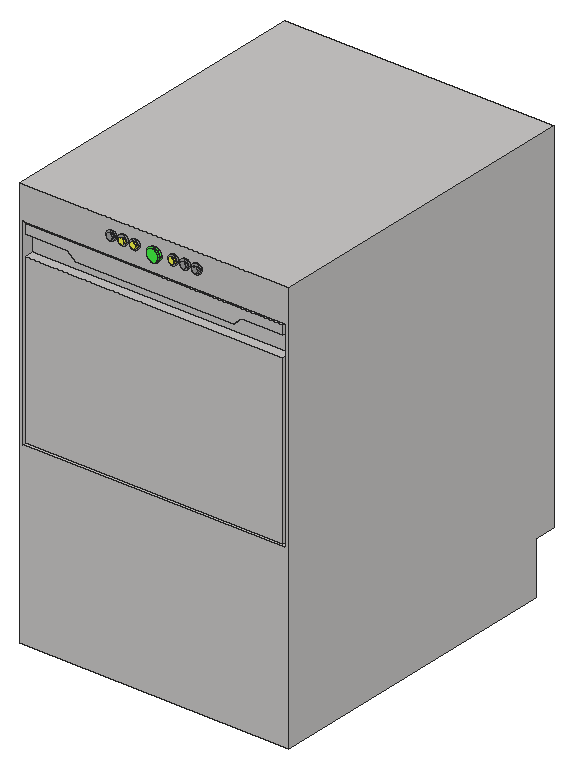
Revit family "QF_ZANUSSI_402237_ZSDICWG", category Specialty Equipment, Revit 2018
Family settings
  Round Connector Dimension = Use Diameter
  Part Type = Normal
  Work Plane-Based = No
  Always vertical = Yes
  Cut with Voids When Loaded = No
  Shared = No
  Room Calculation Point = No
Parameters
  Weight = 37.00 kg
  Watts = 0 W
  Volts = 0 V
  URL Manufacturer = ""
  URL = "http://professional.electrolux.com/"
  Steam Supply Size = 0 mm
  Steam Supply Minimum Pressure = 0.0 Pa
  Steam Supply Maximum Pressure = 0.0 Pa
  Steam Pounds per Hour = 0
  Show Logo [instance] = yes
  Show Clearance [instance] = yes
  Refrigeration Suction Line Size = 0 mm
  Refrigeration Liquid Line Size = 0 mm
  Refrigerant Compressor Remote = yes
  Manufacturer = ""
  Phase = 0
  Model = ""
  Length Actual = 460 mm  # constant formula
  Item Number = ""
  Hot Water Size = 0 mm
  Height Actual = 715 mm  # constant formula
  HP = "4.4 HP"
  Gas Size = 0 mm
  Gas KW = 0
  Gas Input Pressure = 0 W
  Direct Waste Size = 27 mm
  Description = ""
  Depth Actual = 565 mm  # constant formula
  Cycle = 0 Hz
  Condensate Return Size = 0 mm
  Compressed Air Volume = 0.0 L/s
  Compressed Air Size = 0 mm
  Compressed Air Pressure = 0.0 Pa
  Cold Water Size = 0 mm
  Accessory = yes
Types (2, lengths in mm): name | Volts | URL Manufacturer | URL | Manufacturer | Phase | Model | Item Number | Description | Cycle | Cold Water Size
  (no name) | 0 V | "" | "http://professional.electrolux.com/" | "" | 0 | "" | "" | "" | 0 Hz | 0
  Standard | 220 V | "http://professional.electrolux.com" | "http://professional.electrolux.com" | "Electrolux Professional" | 1 | "ESDICWG" | "402228" | "GLASSWASHER(S) INS. DOUBLE SKIN, COLD RINSE, WS, DP, DD, 30B/H" | 50 Hz | 19.05
Reference planes
  plane 1 "Center (Front/Back)": y = 0
  plane 2: z = 0
  plane 3 "Center (Left/Right)": x = 0
  plane 4 "LEFT": x = -230
  plane 5 "RIGHT": x = 230
  plane 6 "FRONT": y = -282.5
  plane 7 "BACK": y = 282.5
  plane 8: x = -202.5
  plane 9: x = 202.5
  plane 10: z = 715
  plane 11: z = 10
Forms (mm)
  Extrusion 1, solid, material "QF_Finishes_Stainless Steel"
    sketch origin (0, 0, 0) x (1, 0, 0) y (0, 1, 0)
      loop
        line (-230, -282.5) -> (230, -282.5) -> (230, 243.5) -> (-230, 243.5) -> (-230, -282.5)
    from 10 to 715
  Extrusion 2, solid, material "QF_Finishes_Stainless Steel"
    sketch origin (0, 0, 0) x (1, 0, 0) y (0, 1, 0)
      loop
        line (-230, 243.5) -> (230, 243.5) -> (230, 282.5) -> (-230, 282.5) -> (-230, 243.5)
    from 100 to 715
  Extrusion 3, solid, material "QF_Finishes_Stainless Steel"
    sketch origin (0, 0, 0) x (1, 0, 0) y (0, 1, 0)
      loop
        circle (-202.5, 184.5) r 12.5
      loop
        circle (202.5, 184.5) r 12.5
      loop
        circle (-202.5, -235.5) r 12.5
      loop
        circle (202.5, -235.5) r 12.5
    from 0 to 10
  Extrusion 4, void
    sketch origin (-230, -282.5, 0) x (-1, 0, 0) y (0, 0, 1)
      loop
        line (-5, 658.217) -> (-455, 658.217) -> (-455, 315) -> (-5, 315) -> (-5, 658.217)
    from 0 to 30
  Extrusion 5, solid, material "QF_Finishes_Stainless Steel"
    sketch origin (-53, -392, 738) x (0, 0, -1) y (1, 0, 0)
      loop
        circle (693, 213) r 10
    from -635.5 to -674.5
  Extrusion 6, solid, material "QF_Door-Drawer Clearances", visible <- "Show Clearance", detail levels coarse
    sketch origin (-230, -282.5, 0) x (0, 1, 0) y (0, 0, -1)
      loop
        line (0, -315) -> (-315, -315)
        arc (-315, -315) -> (-223.2, -545.869) -> (0, -655) r 344.605
        line (0, -655) -> (0, -315)
    from -10 to -450
  Extrusion 7, solid, material "QF_Finishes_Stainless Steel"
    sketch origin (-242.481, -392, 738) x (0, 0, -1) y (1, 0, 0)
      loop
        circle (663, 322.481) r 8
    from -635.5 to -674.5
  Extrusion 8, solid, material "QF_Finishes_Green"
    sketch origin (234, -282.5, -28.75) x (-1, 0, 0) y (0, 0, -1)
      loop
        circle (234, -714.569) r 10
    from 0 to 5
  Extrusion 9, solid, material "QF_Finishes_Gray"
    sketch origin (234, -282.5, -24.375) x (-1, 0, 0) y (0, 0, -1)
      loop
        circle (306.936, -713.972) r 5
    from 0 to 5
  Extrusion 10, solid, material "QF_Finishes_Stainless Steel"
    sketch origin (-230, -282.5, 0) x (0, 1, 0) y (0, 0, -1)
      loop
        line (0, -319.622) -> (0, -605) -> (15, -605) -> (15, -655) -> (25, -655) -> (25, -319.622) -> (0, -319.622)
    from -10 to -450
  Extrusion 11, solid, material "QF_Finishes_Stainless Steel"
    sketch origin (-230, -282.5, 0) x (0, 1, 0) y (0, 0, -1)
      loop
        line (15, -655) -> (15, -652.514) -> (2.5, -652.514) -> (2.5, -626.25) -> (0, -626.25) -> (0, -655) -> (15, -655)
    from -10 to -450
  Extrusion 12, void
    sketch origin (-230, -282.5, 655) x (0, 0, 1) y (1, 0, 0)
      loop
        line (-15.552, 10) -> (-15.552, 81.607) -> (-28.75, 94.804) -> (-28.75, 10) -> (-15.552, 10)
      loop
        line (-15.552, 450) -> (-28.75, 450) -> (-28.75, 365.196) -> (-15.552, 378.393) -> (-15.552, 450)
    from 0 to 2.5
  Extrusion 13, solid, material "QF_Finishes_Stainless Steel"
    sketch origin (-328, -392, 738) x (0, 0, -1) y (1, 0, 0)
      loop
        circle (663, 228) r 8
    from -635.5 to -674.5
  Extrusion 14, solid, material "QF_Finishes_Green"
    sketch origin (-230, -282.5, 0) x (1, 0, 0) y (0, 0, 1)
      loop
        circle (230, 685.819) r 12
      loop
        circle (230, 685.819) r 10
    from 0 to 2.5
  Extrusion 15, solid, material "QF_Finishes_Gray"
    sketch origin (-210, -282.5, -28.75) x (1, 0, 0) y (0, 0, 1)
      loop
        circle (262.936, 718.347) r 8
      loop
        circle (262.936, 718.347) r 5
      loop
        circle (242.936, 718.347) r 8
      loop
        circle (242.936, 718.347) r 5
      loop
        circle (282.936, 718.347) r 8
      loop
        circle (282.936, 718.347) r 5
    from 0 to 2.5
  Extrusion 16, solid, material "QF_Finishes_Gray"
    sketch origin (-234, -282.5, -24.375) x (1, 0, 0) y (0, 0, 1)
      loop
        circle (286.936, 713.972) r 5
      loop
        circle (306.936, 713.972) r 5
    from 0 to 5
  Extrusion 17, solid, material "QF_Finishes_Gray"
    sketch origin (210, -282.5, -28.75) x (-1, 0, 0) y (0, 0, -1)
      loop
        circle (262.936, -718.347) r 8
      loop
        circle (262.936, -718.347) r 5
      loop
        circle (242.936, -718.347) r 8
      loop
        circle (242.936, -718.347) r 5
      loop
        circle (282.936, -718.347) r 8
      loop
        circle (282.936, -718.347) r 5
    from 0 to 2.5
  Extrusion 18, solid, material "QF_Finishes_Yellow"
    sketch origin (254, -282.5, -24.375) x (-1, 0, 0) y (0, 0, -1)
      loop
        circle (306.936, -713.972) r 5
    from 0 to 5
  Extrusion 19, solid, material "QF_Finishes_Yellow"
    sketch origin (274, -282.5, -24.375) x (-1, 0, 0) y (0, 0, -1)
      loop
        circle (306.936, -713.972) r 5
    from 0 to 5
  Extrusion 20, solid, material "QF_Finishes_Yellow"
    sketch origin (339.871, -282.5, -24.375) x (-1, 0, 0) y (0, 0, -1)
      loop
        circle (306.936, -713.972) r 5
    from 0 to 5
Cuts and joins
  Extrusion 4 cuts Extrusion 1
  joined: Extrusion 1, Extrusion 2
  Extrusion 12 cuts Extrusion 10
  Extrusion 12 cuts Extrusion 11
Lines and regions (mm)
  Split face 1
    outline origin (-230, -282.5, 715) x (0, 0, -1) y (1, 0, 0)
      loop
        line (35, 0) -> (35, 60) -> (49.142, 74.142) -> (49.142, 214.142) -> (11.456, 214.142)
        arc (11.456, 214.142) -> (9.82, 214.82) -> (9.142, 216.456) r 2.314
        line (9.142, 216.456) -> (9.142, 230) -> (9.142, 243.544)
        arc (9.142, 243.544) -> (9.82, 245.18) -> (11.456, 245.858) r 2.314
        line (11.456, 245.858) -> (49.142, 245.858) -> (49.142, 385.858) -> (35, 400) -> (35, 460)
      loop
        line (56.783, 5) -> (56.783, 0)
      loop
        line (56.783, 455) -> (56.783, 460)
  symbolic lines
    curve 1: line (-230, 282.5, 0) -> (230, 282.5, 0)
    curve 2: line (-230, -282.5, 0) -> (-230, 282.5, 0)
    curve 3: line (230, -282.5, 0) -> (-230, -282.5, 0)
    curve 4: line (230, 282.5, 0) -> (230, -282.5, 0)
    curve 9: line (-80.94, -285, 0) -> (-80.94, -282.5, 0)
    curve 10: line (-64.948, -285, 0) -> (-64.948, -282.5, 0)
    curve 11: line (-77.926, -287.5, 0) -> (-67.936, -287.5, 0)
    curve 12: line (-67.936, -287.5, 0) -> (-67.936, -285, 0)
    curve 13: line (-77.926, -287.5, 0) -> (-77.926, -285, 0)
    curve 14: line (-60.936, -285, 0) -> (-44.936, -285, 0)
    curve 15: line (-44.936, -285, 0) -> (-44.936, -282.5, 0)
    curve 16: line (-60.936, -285, 0) -> (-60.936, -282.5, 0)
    curve 17: line (-57.936, -287.5, 0) -> (-47.936, -287.5, 0)
    curve 18: line (-47.936, -287.5, 0) -> (-47.936, -285, 0)
    curve 19: line (-57.936, -287.5, 0) -> (-57.936, -285, 0)
    curve 20: line (-40.936, -285, 0) -> (-24.936, -285, 0)
    curve 21: line (-24.936, -285, 0) -> (-24.936, -282.5, 0)
    curve 22: line (-40.936, -285, 0) -> (-40.936, -282.5, 0)
    curve 23: line (-37.936, -287.5, 0) -> (-27.936, -287.5, 0)
    curve 24: line (-27.936, -287.5, 0) -> (-27.936, -285, 0)
    curve 25: line (-37.936, -287.5, 0) -> (-37.936, -285, 0)
    curve 26: line (24.936, -285, 0) -> (40.936, -285, 0)
    curve 27: line (40.936, -285, 0) -> (40.936, -282.5, 0)
    curve 28: line (27.936, -287.5, 0) -> (37.936, -287.5, 0)
    curve 29: line (37.936, -287.5, 0) -> (37.936, -285, 0)
    curve 30: line (27.936, -287.5, 0) -> (27.936, -285, 0)
    curve 31: line (24.936, -285, 0) -> (24.936, -282.5, 0)
    curve 32: line (-12, -285, 0) -> (12, -285, 0)
    curve 33: line (12, -285, 0) -> (12, -282.5, 0)
    curve 34: line (-12, -285, 0) -> (-12, -282.5, 0)
    curve 35: line (-10, -287.5, 0) -> (10, -287.5, 0)
    curve 36: line (10, -287.5, 0) -> (10, -285, 0)
    curve 37: line (-10, -287.5, 0) -> (-10, -285, 0)
    curve 39: line (44.936, -285, 0) -> (60.936, -285, 0)
    curve 40: line (60.936, -285, 0) -> (60.936, -282.5, 0)
    curve 41: line (47.936, -287.5, 0) -> (57.936, -287.5, 0)
    curve 42: line (57.936, -287.5, 0) -> (57.936, -285, 0)
    curve 43: line (47.936, -287.5, 0) -> (47.936, -285, 0)
    curve 44: line (44.936, -285, 0) -> (44.936, -282.5, 0)
    curve 45: line (64.936, -285, 0) -> (80.936, -285, 0)
    curve 46: line (80.936, -285, 0) -> (80.936, -282.5, 0)
    curve 47: line (67.936, -287.5, 0) -> (77.936, -287.5, 0)
    curve 48: line (77.936, -287.5, 0) -> (77.936, -285, 0)
    curve 49: line (67.936, -287.5, 0) -> (67.936, -285, 0)
    curve 50: line (64.936, -285, 0) -> (64.936, -282.5, 0)
  symbolic lines, style "QF_Door-Drawer Clearances"
    curve 5: line (-220, -597.5, 0) -> (220, -597.5, 0)
    curve 6: line (220, -597.5, 0) -> (220, -282.5, 0)
    curve 7: line (-220, -597.5, 0) -> (-220, -282.5, 0)
  symbolic lines, style "SpecialityEquipment"
    curve 8: line (-80.94, -285, 0) -> (-64.948, -285, 0)
  symbolic lines, style "SpecialityEquipmentHiddenLines"
    curve 38: line (-230, 243.5, 0) -> (230, 243.5, 0)
Dimensions and locks
  equal spacing: plane 4 "LEFT", plane 3 "Center (Left/Right)", plane 5 "RIGHT"
  equal spacing: plane 7 "BACK", plane 1 "Center (Front/Back)", plane 6 "FRONT"
  plane 7 "BACK" to plane 6 "FRONT" = 565 mm
  plane 4 "LEFT" to plane 5 "RIGHT" = 460 mm
  plane 4 "LEFT" to plane 8 = 27.5 mm
  plane 9 to plane 5 "RIGHT" = 27.5 mm
  locked: plane 11 to level at 10
  plane 4 "LEFT" to plane 3 "Center (Left/Right)" = 230 mm
  plane 10 to level = 715 mm  (x2)
  plane 8 to plane 9 = 405 mm
  level to Extrusion 13 sketch curve = 75 mm
  Extrusion 13 sketch curve to plane 4 "LEFT" = 130 mm
  level to Extrusion 5 sketch curve = 45 mm
  Extrusion 5 sketch curve to plane 4 "LEFT" = 390 mm
  Extrusion 7 sketch curve to plane 4 "LEFT" = 310 mm
  level to Extrusion 7 sketch curve = 75 mm
  locked: Extrusion 3 to cut or joined group of Extrusion 1, Extrusion 2, Extrusion 4 at 98
  Extrusion 3 to Extrusion 3 = 420 mm
  locked: plane 6 "FRONT" to Extrusion 3 at 47
  plane 9 to plane 8 = 405 mm
  plane 7 "BACK" to curve 5 = 880 mm
  cut or joined group of Extrusion 10, Extrusion 12 to cut or joined group of Extrusion 1, Extrusion 2, Extrusion 4 = 290 mm
  aligned and locked: level to plane 2
  aligned and locked: Extrusion 1 sketch curve to plane 6 "FRONT"
  aligned and locked: Extrusion 1 sketch curve to plane 4 "LEFT"
  aligned and locked: plane 5 "RIGHT" to Extrusion 1 sketch curve
  aligned and locked: Extrusion 1 to plane 11
  aligned and locked: Extrusion 2 sketch curve to Extrusion 1  (x2)
  aligned and locked: plane 7 "BACK" to Extrusion 2 sketch curve
  aligned and locked: plane 5 "RIGHT" to Extrusion 2 sketch curve
  aligned and locked: plane 11 to Extrusion 3
  aligned and locked: Extrusion 2 to Extrusion 5
  aligned and locked: Extrusion 2 to Extrusion 7
  aligned and locked: plane 7 "BACK" to Extrusion 7
  aligned and locked: plane 7 "BACK" to Extrusion 5
  aligned and locked: cut or joined group of Extrusion 11, Extrusion 12 to Extrusion 12
  aligned and locked: plane 10 to Extrusion 2
Automatic sketch dimensions
  curve 1 to plane 4 "LEFT" = 0 mm
  curve 7 to plane 6 "FRONT" = 0 mm
  curve 4 to plane 5 "RIGHT" = 0 mm
  curve 2 to plane 7 "BACK" = 0 mm
  plane 4 "LEFT" to curve 5 = 10 mm
  curve 8 to plane 6 "FRONT" = 2.5 mm
  curve 8 to plane 3 "Center (Left/Right)" = 80.94 mm
  curve 8 to curve 11 = 3.013 mm
  curve 11 to curve 11 = 9.991 mm
  curve 12 to curve 10 = 2.987 mm
  curve 8 to curve 16 = 4.013 mm
  curve 14 to curve 19 = 3 mm
  curve 17 to plane 6 "FRONT" = 5 mm
  curve 17 to curve 17 = 10 mm
  curve 18 to curve 14 = 3 mm
  curve 14 to curve 20 = 4 mm
  curve 20 to curve 25 = 3 mm
  curve 24 to plane 6 "FRONT" = 5 mm
  curve 23 to curve 24 = 10 mm
  curve 24 to curve 21 = 3 mm
  curve 34 to plane 6 "FRONT" = 2.5 mm
  curve 34 to plane 3 "Center (Left/Right)" = 12 mm
  curve 32 to curve 37 = 2 mm
  plane 3 "Center (Left/Right)" to curve 36 = 10 mm
  curve 36 to curve 33 = 2 mm
  curve 26 to plane 6 "FRONT" = 2.5 mm
  curve 32 to curve 26 = 12.936 mm
  curve 26 to curve 30 = 3 mm
  curve 28 to plane 6 "FRONT" = 5 mm
  curve 28 to curve 28 = 10 mm
  curve 29 to curve 27 = 3 mm
  curve 26 to curve 44 = 4 mm
  curve 39 to curve 43 = 3 mm
  curve 41 to plane 6 "FRONT" = 5 mm
  curve 41 to curve 41 = 10 mm
  curve 42 to curve 39 = 3 mm
  curve 39 to curve 50 = 4 mm
  curve 45 to curve 47 = 3 mm
  curve 47 to plane 6 "FRONT" = 5 mm
  curve 47 to curve 47 = 10 mm
  curve 48 to curve 45 = 3 mm
  curve 6 to plane 5 "RIGHT" = 10 mm
  curve 35 to curve 36 = 2.5 mm
  curve 11 to curve 13 = 2.5 mm
  curve 15 to plane 6 "FRONT" = 2.5 mm
  curve 20 to plane 6 "FRONT" = 2.5 mm
  curve 40 to plane 6 "FRONT" = 2.5 mm
  curve 45 to plane 6 "FRONT" = 2.5 mm
  curve 38 to plane 7 "BACK" = 39 mm
  Extrusion 1 sketch curve to plane 7 "BACK" = 39 mm
  Extrusion 3 sketch curve to plane 8 = 0 mm  (x2)
  Extrusion 3 sketch curve to plane 9 = 0 mm  (x2)
  plane 6 "FRONT" to Extrusion 3 sketch curve = 47 mm  (x2)
  Extrusion 3 sketch curve to plane 7 "BACK" = 98 mm  (x2)
  Extrusion 4 sketch curve to Extrusion 1 = 5 mm  (x2)
  Extrusion 4 sketch curve to Extrusion 1 = 305 mm
  Extrusion 4 sketch curve to Extrusion 1 = 56.783 mm
  Extrusion 6 sketch curve to plane 6 "FRONT" = 0 mm
  Extrusion 6 sketch curve to plane 6 "FRONT" = 315 mm
  plane 6 "FRONT" to Extrusion 6 sketch curve = 29.589 mm
  Extrusion 6 sketch curve to plane 10 = 60 mm
  plane 11 to Extrusion 6 sketch curve = 305 mm
  Extrusion 8 sketch curve to Extrusion 8 sketch curve = 0 mm  (x2)
  Extrusion 8 sketch curve to plane 3 "Center (Left/Right)" = 0 mm
  Extrusion 8 sketch curve to plane 10 = 29.181 mm
  plane 3 "Center (Left/Right)" to Extrusion 8 sketch curve = 10 mm
  Extrusion 9 sketch curve to Extrusion 9 sketch curve = 0 mm  (x2)
  Extrusion 9 sketch curve to plane 10 = 25.403 mm
  Extrusion 9 sketch curve to plane 3 "Center (Left/Right)" = 72.936 mm
  Extrusion 9 sketch curve to Extrusion 9 sketch curve = 5 mm
  Extrusion 10 sketch curve to plane 6 "FRONT" = 0 mm
  plane 6 "FRONT" to Extrusion 10 sketch curve = 15 mm
  Extrusion 10 sketch curve to Extrusion 10 sketch curve = 25 mm
  Extrusion 10 sketch curve to plane 10 = 60 mm
  Extrusion 10 sketch curve to Extrusion 10 sketch curve = 50 mm
  Extrusion 10 sketch curve to Extrusion 10 sketch curve = 285.378 mm
  Extrusion 11 sketch curve to plane 6 "FRONT" = 0 mm
  Extrusion 11 sketch curve to Extrusion 11 sketch curve = 2.5 mm
  Extrusion 11 sketch curve to Extrusion 11 sketch curve = 12.5 mm
  Extrusion 11 sketch curve to plane 10 = 60 mm
  Extrusion 11 sketch curve to Extrusion 11 sketch curve = 2.486 mm
  Extrusion 11 sketch curve to Extrusion 11 sketch curve = 26.264 mm
  Extrusion 12 sketch curve to Extrusion 11 = 0 mm  (x3)
  Extrusion 11 to Extrusion 12 sketch curve = 0 mm
  Extrusion 12 sketch curve to Extrusion 11 = 13.198 mm  (x2)
  Extrusion 12 sketch curve to Extrusion 11 = 71.607 mm
  Extrusion 12 sketch curve to Extrusion 12 sketch curve = 13.198 mm  (x2)
  Extrusion 12 sketch curve to Extrusion 11 = 84.804 mm
  Extrusion 14 sketch curve to Extrusion 14 sketch curve = 0 mm  (x2)
  Extrusion 1 to Extrusion 14 sketch curve = 29.181 mm
  Extrusion 1 to Extrusion 14 sketch curve = 230 mm
  Extrusion 15 sketch curve to Extrusion 15 sketch curve = 0 mm  (x8)
  plane 3 "Center (Left/Right)" to Extrusion 15 sketch curve = 32.936 mm
  Extrusion 15 sketch curve to Extrusion 15 sketch curve = 20 mm  (x2)
  Extrusion 15 sketch curve to plane 10 = 25.403 mm
  Extrusion 16 sketch curve to Extrusion 16 sketch curve = 0 mm  (x5)
  Extrusion 16 sketch curve to plane 10 = 25.403 mm
  plane 3 "Center (Left/Right)" to Extrusion 16 sketch curve = 52.936 mm
  Extrusion 16 sketch curve to Extrusion 16 sketch curve = 20 mm
  Extrusion 16 sketch curve to Extrusion 16 sketch curve = 5 mm  (x2)
  Split face 1 sketch curve to cut or joined group of Extrusion 1, Extrusion 2, Extrusion 4 = 0 mm  (x6)
  cut or joined group of Extrusion 1, Extrusion 2, Extrusion 4 to Split face 1 sketch curve = 0 mm  (x2)
  cut or joined group of Extrusion 1, Extrusion 2, Extrusion 4 to Split face 1 sketch curve = 7.641 mm  (x2)
  Split face 1 sketch curve to Split face 1 sketch curve = 14.142 mm  (x4)
  Split face 1 sketch curve to cut or joined group of Extrusion 1, Extrusion 2, Extrusion 4 = 11.456 mm  (x2)
  Split face 1 sketch curve to cut or joined group of Extrusion 1, Extrusion 2, Extrusion 4 = 9.142 mm
  Split face 1 sketch curve to cut or joined group of Extrusion 1, Extrusion 2, Extrusion 4 = 55 mm
  Split face 1 sketch curve to Split face 1 sketch curve = 140 mm
  Split face 1 sketch curve to Split face 1 sketch curve = 13.544 mm  (x2)
  Split face 1 sketch curve to cut or joined group of Extrusion 1, Extrusion 2, Extrusion 4 = 69.142 mm
  Extrusion 17 sketch curve to Extrusion 17 sketch curve = 0 mm  (x8)
  Extrusion 17 sketch curve to plane 3 "Center (Left/Right)" = 32.936 mm
  Extrusion 17 sketch curve to Extrusion 17 sketch curve = 20 mm  (x2)
  Extrusion 17 sketch curve to plane 10 = 25.403 mm
  Extrusion 18 sketch curve to Extrusion 18 sketch curve = 0 mm  (x2)
  Extrusion 18 sketch curve to plane 10 = 25.403 mm
  Extrusion 18 sketch curve to plane 3 "Center (Left/Right)" = 52.936 mm
  Extrusion 18 sketch curve to Extrusion 18 sketch curve = 5 mm
  Extrusion 19 sketch curve to Extrusion 19 sketch curve = 0 mm  (x2)
  Extrusion 19 sketch curve to plane 3 "Center (Left/Right)" = 32.936 mm
  Extrusion 19 sketch curve to plane 10 = 25.403 mm
  Extrusion 19 sketch curve to Extrusion 19 sketch curve = 5 mm
  Extrusion 20 sketch curve to Extrusion 20 sketch curve = 0 mm  (x2)
  plane 3 "Center (Left/Right)" to Extrusion 20 sketch curve = 32.936 mm
  Extrusion 20 sketch curve to plane 10 = 25.403 mm
  Extrusion 20 sketch curve to Extrusion 20 sketch curve = 5 mm
  radius of Extrusion 5 sketch curve = 10 mm
  radius of Extrusion 7 sketch curve = 8 mm
  radius of Extrusion 13 sketch curve = 8 mm
  radius of Extrusion 3 sketch curve = 12.5 mm  (x4)
  radius of Extrusion 14 sketch curve = 12 mm
  radius of Extrusion 14 sketch curve = 10 mm
  radius of Extrusion 15 sketch curve = 8 mm  (x3)
  radius of Extrusion 15 sketch curve = 5 mm  (x3)
  radius of Extrusion 17 sketch curve = 8 mm  (x3)
  radius of Extrusion 17 sketch curve = 5 mm  (x3)
Connectors
  piping at (160, 282.5, 45), diameter 20
    settings: on Extrusion 5, index 1, connector inside diameter 609.6 mm, connector length 0 mm, flow factor 0, pipe flow 0.0 L/s, pressure drop 0.0 Pa, fitting loss kfactor 0, connector angle 0.00°, fixture units 0, engagement length 0 mm, angle of deflection 0.00°, flow configuration 1, flow direction 1, fitting loss method 0, system type 16, joint type 0, gender type 0, connector reference index -1, connector utility 0, adjustable connector no, is connector primary yes, connector description "Drain"
  piping at (80, 282.5, 75), driven by "Cold Water Size"
    settings: on Extrusion 7, index 3, connector diameter 0 mm, connector inside diameter 609.6 mm, connector length 0 mm, flow factor 0, pipe flow 0.0 L/s, pressure drop 0.0 Pa, fitting loss kfactor 0, connector angle 0.00°, fixture units 0, engagement length 0 mm, angle of deflection 0.00°, flow configuration 1, flow direction 1, fitting loss method 0, system type 20, joint type 0, gender type 0, connector reference index -1, connector utility 0, adjustable connector no, is connector primary no, connector description "Cold Water Inlet"
  electrical at (-100, 282.5, 75), driven by "Volts"
    settings: on Extrusion 13, index 4, voltage 0 V, apparent load 0 VA, apparent load phase1 0 VA, apparent load phase2 0 VA, apparent load phase3 0 VA, power factor 1, load classification "Altro", number of poles 1, system type 31, power factor state 1, is connector primary yes, connector utility no, sub classification motor no, connector description "Electrical Connection"
